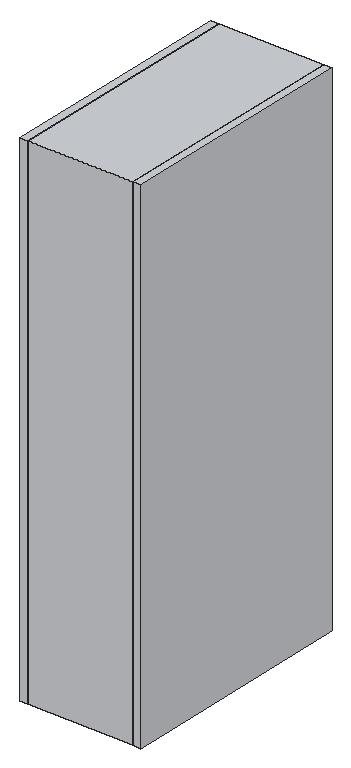
Revit family "WENGER 7-SHELF MUSIC LIBRARY - OVERSIZED (SINGE UNIT)", category Generic Models, Revit 2014
Parameters
  URL = "http://www.wengercorp.com/Home/Contact.html"
  Model = "7-SHELF"
  Manufacturer = "WENGER CORPORATION"
  Keynote = "WENGER MUSIC LIBRARY SYSTEM"
  HEIGHT = 7' - 8"
  ECP WIDTH = 0' - 1 1/2"
  ECP SPACING = 1' - 7"  # constant formula
  Description = "MUSIC LIBRARY SYSTEM"
Reference planes (in)
  plane 1 "Center (Front/Back)": y = 0
  plane 2: z = 0
  plane 3 "Center (Left/Right)": x = 0
  plane 4 "BACK": y = 21.75
  plane 5 "FRONT": y = -21.75
  plane 6 "LEFT ECP INSIDE": x = -9.5
  plane 7 "LEFT ECP OUTSIDE": x = -11
  plane 8 "RIGHT ECP INSIDE": x = 9.5
  plane 9 "RIGHT ECP OUTSIDE": x = 11
  plane 10: z = 92
Forms (in)
  Extrusion 1, solid
    sketch origin (0, 0, 0) x (1, 0, 0) y (0, 1, 0)
      loop
        line (-11, 21.75) -> (-11, -21.75) -> (-9.5, -21.75) -> (-9.5, 21.75) -> (-11, 21.75)
      loop
        line (9.5, 21.75) -> (9.5, -21.75) -> (11, -21.75) -> (11, 21.75) -> (9.5, 21.75)
    from 0 to 92
Dimensions and locks (in)
  "ECP WIDTH": plane 7 "LEFT ECP OUTSIDE" to plane 6 "LEFT ECP INSIDE"
  "ECP WIDTH": plane 8 "RIGHT ECP INSIDE" to plane 9 "RIGHT ECP OUTSIDE"
  equal spacing: plane 6 "LEFT ECP INSIDE", plane 3 "Center (Left/Right)", plane 8 "RIGHT ECP INSIDE"
  "ECP SPACING": plane 6 "LEFT ECP INSIDE" to plane 8 "RIGHT ECP INSIDE"
  equal spacing: plane 4 "BACK", plane 1 "Center (Front/Back)", plane 5 "FRONT", locked at 21.75 each
  locked: plane 4 "BACK" to plane 5 "FRONT" at 43.5
  "HEIGHT": plane 10 to plane 2
  aligned and locked: plane 2 to level
  aligned and locked: Extrusion 1 sketch curve to plane 4 "BACK"  (x2)
  aligned and locked: plane 7 "LEFT ECP OUTSIDE" to Extrusion 1 sketch curve
  aligned and locked: plane 5 "FRONT" to Extrusion 1 sketch curve  (x2)
  aligned and locked: Extrusion 1 sketch curve to plane 6 "LEFT ECP INSIDE"
  aligned and locked: plane 8 "RIGHT ECP INSIDE" to Extrusion 1 sketch curve
  aligned and locked: Extrusion 1 sketch curve to plane 9 "RIGHT ECP OUTSIDE"
  aligned and locked: Extrusion 1 to plane 2
  aligned and locked: plane 4 "BACK" to nested 1
  aligned and locked: plane 6 "LEFT ECP INSIDE" to nested 1
  aligned and locked: Extrusion 1 to nested 1
Nested families (in)
  nested 1: "7-SHELF, 1-UNIT" at (0, 0, 0), type "OVERSIZED WIDTH"
Definition of nested family "7-SHELF, 1-UNIT"
  Parameters (values of type "OVERSIZED WIDTH")
    UNIT WIDTH = 1' - 7"
    HEIGHT = 7' - 8"
    Cabinet Label = Labels : 7-SHELF
  Types (3): name | UNIT WIDTH
    (no name) | 1' - 7"
    STANDARD WIDTH | 1' - 4"
    OVERSIZED WIDTH | 1' - 7"
  Reference planes (in)
    plane 1 "Center (Front/Back)": y = 0
    plane 2 "BOTTOM": z = 0
    plane 3 "Center (Left/Right)": x = 0
    plane 4 "RIGHT": x = 9.5
    plane 5 "LEFT": x = -9.5
    plane 6 "BACK": y = 21.75
    plane 7 "FRONT": y = -21.75
    plane 8 "OPEN POSITION": y = -58.24743
    plane 9 "TOP": z = 92
    plane 10: x = -3.5
    plane 11: x = 3.5
    plane 12 "FRONT DETAIL 1": z = 54
    plane 13 "FRONT DETAIL 2": z = 52.5
    plane 14 "FRONT DETAIL 3": z = 46
    plane 15: x = -1.5
    plane 16: x = 1.5
  Forms (in)
    Extrusion 1, solid
      sketch origin (0, 0, 0) x (1, 0, 0) y (0, 1, 0)
        loop
          line (-9.5, 21.75) -> (-9.5, -21.75) -> (9.5, -21.75) -> (9.5, 21.75) -> (-9.5, 21.75)
      from 0 to 92
  Lines and regions (in)
    model lines, style "GenericModelHiddenLines"
      curve 1: line (-9.5, -21.75, 0) -> (-9.5, -58.24743, 0)
      curve 2: line (-9.5, -58.24743, 0) -> (9.5, -58.24743, 0)
      curve 3: line (9.5, -58.24743, 0) -> (9.5, -21.75, 0)
    model lines, style "GenericModel"
      curve 4: line (-1.5, -21.75, 54) -> (1.5, -21.75, 54)
      curve 5: line (1.5, -21.75, 54) -> (1.5, -21.75, 52.5)
      curve 6: line (1.5, -21.75, 52.5) -> (-1.5, -21.75, 52.5)
      curve 7: line (-1.5, -21.75, 52.5) -> (-1.5, -21.75, 54)
      curve 8: line (-3.5, -21.75, 46) -> (3.5, -21.75, 46)
  Dimensions and locks (in)
    equal spacing: plane 5 "LEFT", plane 3 "Center (Left/Right)", plane 4 "RIGHT"
    "UNIT WIDTH": plane 5 "LEFT" to plane 4 "RIGHT"
    equal spacing: plane 6 "BACK", plane 1 "Center (Front/Back)", plane 7 "FRONT"
    plane 6 "BACK" to plane 7 "FRONT" to plane 8 "OPEN POSITION" = 3' - 7 1/2" locked, 3' - 0.49743" locked
    "HEIGHT": plane 2 "BOTTOM" to plane 9 "TOP"
    plane 12 "FRONT DETAIL 1" to plane 13 "FRONT DETAIL 2" to plane 14 "FRONT DETAIL 3" to plane 2 "BOTTOM" = 0' - 1 1/2" locked, 0' - 6 1/2" locked, 3' - 10" locked
    equal spacing: plane 16, plane 3 "Center (Left/Right)", plane 15, locked at 1.5 each
    plane 11 to plane 16 to plane 15 to plane 10 = 0' - 2" locked, 0' - 3" locked, 0' - 2" locked
    aligned and locked: plane 2 "BOTTOM" to level
    aligned and locked: Extrusion 1 sketch curve to plane 6 "BACK"
    aligned and locked: plane 5 "LEFT" to Extrusion 1 sketch curve
    aligned and locked: plane 7 "FRONT" to Extrusion 1 sketch curve
    aligned and locked: Extrusion 1 sketch curve to plane 4 "RIGHT"
    aligned and locked: Extrusion 1 to plane 2 "BOTTOM"
    aligned and locked: Extrusion 1 to plane 9 "TOP"
    aligned and locked: curve 1 to plane 5 "LEFT"
    aligned and locked: curve 2 to plane 8 "OPEN POSITION"
    aligned and locked: plane 4 "RIGHT" to curve 3
    aligned and locked: curve 8 to plane 14 "FRONT DETAIL 3"
    aligned and locked: plane 11 to curve 8
    aligned and locked: plane 10 to curve 8
    aligned and locked: plane 15 to curve 7
    aligned and locked: curve 5 to plane 16
    aligned and locked: curve 4 to plane 12 "FRONT DETAIL 1"
    aligned and locked: plane 13 "FRONT DETAIL 2" to curve 6
  Automatic sketch dimensions
    curve 3 to plane 7 "FRONT" = 0' - 0"
    curve 1 to plane 7 "FRONT" = 0' - 0"
  Nested families (in)
    nested 1: "Labels" at (0, 0, 0) x (0, 1, 0) z (0, 0, 1), type <- "Cabinet Label", type "7-SHELF"
  Definition of nested family "Labels"
    Parameters (values of type "6-SHELF")
      Cabinet Label = "6-SHELF"
    Types (2): name | Cabinet Label
      6-SHELF | "6-SHELF"
      7-SHELF | "7-SHELF"
    Reference planes (in)
      plane 1: y = 0
      plane 2: x = 0
    Text (in)
      label "xxxx" at (-0.00018, 0.00754, 0), shows "Cabinet Label"
